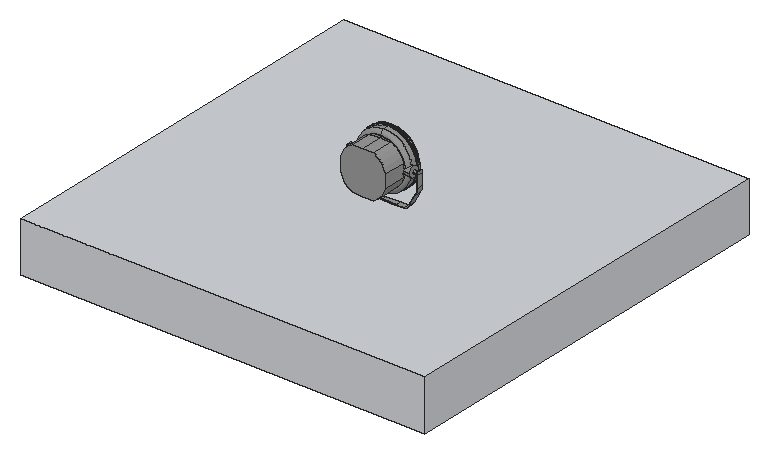
Revit family "L-banner 600", category Осветительные приборы, Revit 2017 (continued)
Types (9, lengths in mm): name | Wattage | built-in parameter 1150134 | Файл фотометрической сетки | built-in parameter 1150142 | built-in parameter 1150105 | Lumens | Артикул | built-in parameter 1150107 | built-in parameter 1150106
  L-banner 600-Г30-4.0K | 465.39 W | 12 | "L-banner 600-600-G30-4.0K-04.ies" | "IESNA:LM-63-1995\r\n[TEST]LEDEL\r\n[DATA]09.10.2017\r\n[MANUFAC]LEDEL\r\n[LUMCAT]L-banner 600/600/Г30/4.0К/04\r\n[LUMINAIRE]Для внешней подсветки крупных объектов\r\n[LAMPCAT]LED\r\n[LAMP]CREE \r\nTILT=NONE\r\n\r\n1 69130 1.032808 37 19 1 2 -0.4625 -0.426 0.238\r\n\r\n1 1 600\r\n\r\n0 2.5 5 7.5 10 12.5 15 17.5 20 22.5 25 27.5 30 32.5 35 37.5 40 42.5 45 47.5 50 52.5 55 57.5 60 62.5 65 67.5 70 72.5 75 77.5 80\r\n82.5 85 87.5 90\r\n\r\n0 10 20 30 40 50 60 70 80 90 100 110 120 130 140 150 160 170 180\r\n\r\n  148602 146606 139829 132354 124478 114018 97858 77986 58155 40814 26998 17813 13083 11042 9605\r\n  8622 7714 6958 6202 5411 4689 4235 3782 3177 2874 2572 2118 1815 1362 1059 908 454 303 303 152 152 152\r\n  148072 147130 140964 131935 122436 112354 99749 82943 63298 45282 30779 20500 14445 11309 9680\r\n  8470 7412 6958 6202 5562 4840 4503 3933 3479 3025 2723 2194 1932 1437 1210 908 605 454 303 227 152 152\r\n  147316 147735 141720 131598 120545 109818 98690 84339 65340 46410 31536 21222 14823 11460 9605\r\n  8401 7260 6504 6126 5562 5143 4538 3933 3630 3025 2723 2269 1967 1513 1210 984 605 454 303 152 152 152\r\n  146635 147921 142400 131865 119713 108341 97858 84525 66398 47283 32065 21559 15050 11460 9605\r\n  8168 7260 6737 6126 5597 4992 4538 3933 3630 3025 2723 2269 1967 1513 1210 1059 605 454 303 152 152 152\r\n  147316 147886 141871 131412 119562 108759 98387 84641 65793 46678 31914 21408 14898 11460 9605\r\n  8401 7260 6807 6202 5597 5143 4538 3933 3630 3101 2839 2269 1967 1513 1210 1059 605 454 303 152 152 152\r\n  147316 147921 142325 132692 122209 112122 101261 86573 66852 47434 32141 21338 14898 11728 9832\r\n  8622 7714 6958 6353 5899 5219 4654 4084 3630 3177 2839 2269 1967 1513 1210 984 605 454 303 152 152 152\r\n  147089 148037 143157 135146 126898 118323 106706 89749 69575 50459 34409 22467 15503 12100 10588\r\n  9529 8622 7865 7034 6202 5445 4689 4387 3782 3328 2874 2572 2118 1815 1362 1059 605 454 303 152 152 152\r\n  146333 148375 144896 138776 132494 125315 113739 96287 76381 57417 40308 26329 17243 12822 11042\r\n  10134 9378 8470 7563 6807 5899 5143 4538 3933 3630 3025 2723 2118 1891 1362 1135 908 454 303 152 152 152\r\n  146862 148375 144291 138288 132796 125850 112605 93414 73129 54392 37586 23944 15957 12368 11042\r\n  9832 9075 8168 7260 6353 5521 4840 4387 3933 3479 3025 2572 2118 1815 1362 1059 908 454 303 152 152 152\r\n  147845 148037 142779 136054 129393 121045 107235 88353 68138 49517 33351 21408 14747 11914 10437\r\n  9378 8546 7830 6958 6050 5294 4689 4311 3782 3479 2874 2572 2118 1815 1362 1059 605 454 303 152 152 152\r\n  146862 141604 135972 129236 117066 98591 78120 58173 40157 25701 16713 12473 10739 9832 9075\r\n  8470 7412 6504 5597 5143 4538 3933 3630 3025 2723 2269 1967 1513 1210 908 605 338 303 152 152 152 152\r\n  146333 141371 136199 128701 115251 95834 74566 54508 36829 23665 15655 12135 10663 9832 9075\r\n  8238 7412 6504 5597 5143 4538 3933 3630 3025 2723 2269 1891 1513 1210 908 605 419 303 152 152 152 152\r\n  147089 141755 135065 127642 116083 98405 77213 56207 38266 24759 16487 12403 10588 9680 8924\r\n  8168 7336 6504 5597 4910 4538 3933 3630 3025 2723 2269 1967 1513 1210 908 605 454 303 187 152 152 152\r\n  147316 141220 132569 123221 111924 96555 76456 55148 37208 24189 16184 12100 10134 8924 8017\r\n  7260 6807 6050 5445 4724 4387 3782 3479 2909 2572 2118 1815 1397 1210 908 605 454 303 152 152 152 152\r\n  147316 140463 130376 119894 109050 95496 76608 55450 37283 24724 16487 12135 10134 8657 7790\r\n  7109 6504 6050 5445 4840 4387 3782 3328 2874 2572 2118 1815 1362 1210 908 605 454 303 187 152 152 152\r\n  146635 138986 128334 117322 106177 92320 73658 53065 35695 23665 16108 11984 9832 8622 7714\r\n  6958 6353 5899 5294 4689 4311 3782 3177 2874 2572 2118 1815 1362 1059 908 530 454 303 187 152 152 152\r\n  147316 140650 130679 120080 109504 96520 78271 57300 38720 25515 17092 12473 10134 8773 7790\r\n  7109 6504 6050 5445 4840 4387 3782 3479 2874 2572 2118 1815 1362 1210 908 605 454 303 152 152 152 152\r\n  148072 143035 134762 125525 115478 102302 83943 62675 42955 28272 18528 13043 10588 9145 8168\r\n  7412 6882 6202 5445 4840 4387 3817 3479 2909 2572 2118 1815 1397 1210 908 605 454 303 268 152 152 152\r\n  148602 144628 138392 131807 123419 110167 91279 70005 49685 32693 20646 14020 11268 9832 8773\r\n  8017 7336 6574 5899 5143 4538 3933 3630 3025 2723 2269 1967 1513 1210 1059 605 454 303 303 152 152 152" | 287247.6 (stored number, unit not read) | 69130 lm | "621160004744200" | 4000 (stored number, unit not read) | 2872.5 (stored number, unit not read)
  L-banner 600-Г30-5.0K | 465.39 W | 12 | "L-banner 600-600-G30-5.0K-04.ies" | "IESNA:LM-63-1995\r\n[TEST]LEDEL\r\n[DATA]09.10.2017\r\n[MANUFAC]LEDEL\r\n[LUMCAT]L-banner 600/600/Г30/5.0К/04\r\n[LUMINAIRE]Для внешней подсветки крупных объектов\r\n[LAMPCAT]LED\r\n[LAMP]CREE \r\nTILT=NONE\r\n\r\n1 69130 1.032808 37 19 1 2 -0.4625 -0.426 0.238\r\n\r\n1 1 600\r\n\r\n0 2.5 5 7.5 10 12.5 15 17.5 20 22.5 25 27.5 30 32.5 35 37.5 40 42.5 45 47.5 50 52.5 55 57.5 60 62.5 65 67.5 70 72.5 75 77.5 80\r\n82.5 85 87.5 90\r\n\r\n0 10 20 30 40 50 60 70 80 90 100 110 120 130 140 150 160 170 180\r\n\r\n  148602 146606 139829 132354 124478 114018 97858 77986 58155 40814 26998 17813 13083 11042 9605\r\n  8622 7714 6958 6202 5411 4689 4235 3782 3177 2874 2572 2118 1815 1362 1059 908 454 303 303 152 152 152\r\n  148072 147130 140964 131935 122436 112354 99749 82943 63298 45282 30779 20500 14445 11309 9680\r\n  8470 7412 6958 6202 5562 4840 4503 3933 3479 3025 2723 2194 1932 1437 1210 908 605 454 303 227 152 152\r\n  147316 147735 141720 131598 120545 109818 98690 84339 65340 46410 31536 21222 14823 11460 9605\r\n  8401 7260 6504 6126 5562 5143 4538 3933 3630 3025 2723 2269 1967 1513 1210 984 605 454 303 152 152 152\r\n  146635 147921 142400 131865 119713 108341 97858 84525 66398 47283 32065 21559 15050 11460 9605\r\n  8168 7260 6737 6126 5597 4992 4538 3933 3630 3025 2723 2269 1967 1513 1210 1059 605 454 303 152 152 152\r\n  147316 147886 141871 131412 119562 108759 98387 84641 65793 46678 31914 21408 14898 11460 9605\r\n  8401 7260 6807 6202 5597 5143 4538 3933 3630 3101 2839 2269 1967 1513 1210 1059 605 454 303 152 152 152\r\n  147316 147921 142325 132692 122209 112122 101261 86573 66852 47434 32141 21338 14898 11728 9832\r\n  8622 7714 6958 6353 5899 5219 4654 4084 3630 3177 2839 2269 1967 1513 1210 984 605 454 303 152 152 152\r\n  147089 148037 143157 135146 126898 118323 106706 89749 69575 50459 34409 22467 15503 12100 10588\r\n  9529 8622 7865 7034 6202 5445 4689 4387 3782 3328 2874 2572 2118 1815 1362 1059 605 454 303 152 152 152\r\n  146333 148375 144896 138776 132494 125315 113739 96287 76381 57417 40308 26329 17243 12822 11042\r\n  10134 9378 8470 7563 6807 5899 5143 4538 3933 3630 3025 2723 2118 1891 1362 1135 908 454 303 152 152 152\r\n  146862 148375 144291 138288 132796 125850 112605 93414 73129 54392 37586 23944 15957 12368 11042\r\n  9832 9075 8168 7260 6353 5521 4840 4387 3933 3479 3025 2572 2118 1815 1362 1059 908 454 303 152 152 152\r\n  147845 148037 142779 136054 129393 121045 107235 88353 68138 49517 33351 21408 14747 11914 10437\r\n  9378 8546 7830 6958 6050 5294 4689 4311 3782 3479 2874 2572 2118 1815 1362 1059 605 454 303 152 152 152\r\n  146862 141604 135972 129236 117066 98591 78120 58173 40157 25701 16713 12473 10739 9832 9075\r\n  8470 7412 6504 5597 5143 4538 3933 3630 3025 2723 2269 1967 1513 1210 908 605 338 303 152 152 152 152\r\n  146333 141371 136199 128701 115251 95834 74566 54508 36829 23665 15655 12135 10663 9832 9075\r\n  8238 7412 6504 5597 5143 4538 3933 3630 3025 2723 2269 1891 1513 1210 908 605 419 303 152 152 152 152\r\n  147089 141755 135065 127642 116083 98405 77213 56207 38266 24759 16487 12403 10588 9680 8924\r\n  8168 7336 6504 5597 4910 4538 3933 3630 3025 2723 2269 1967 1513 1210 908 605 454 303 187 152 152 152\r\n  147316 141220 132569 123221 111924 96555 76456 55148 37208 24189 16184 12100 10134 8924 8017\r\n  7260 6807 6050 5445 4724 4387 3782 3479 2909 2572 2118 1815 1397 1210 908 605 454 303 152 152 152 152\r\n  147316 140463 130376 119894 109050 95496 76608 55450 37283 24724 16487 12135 10134 8657 7790\r\n  7109 6504 6050 5445 4840 4387 3782 3328 2874 2572 2118 1815 1362 1210 908 605 454 303 187 152 152 152\r\n  146635 138986 128334 117322 106177 92320 73658 53065 35695 23665 16108 11984 9832 8622 7714\r\n  6958 6353 5899 5294 4689 4311 3782 3177 2874 2572 2118 1815 1362 1059 908 530 454 303 187 152 152 152\r\n  147316 140650 130679 120080 109504 96520 78271 57300 38720 25515 17092 12473 10134 8773 7790\r\n  7109 6504 6050 5445 4840 4387 3782 3479 2874 2572 2118 1815 1362 1210 908 605 454 303 152 152 152 152\r\n  148072 143035 134762 125525 115478 102302 83943 62675 42955 28272 18528 13043 10588 9145 8168\r\n  7412 6882 6202 5445 4840 4387 3817 3479 2909 2572 2118 1815 1397 1210 908 605 454 303 268 152 152 152\r\n  148602 144628 138392 131807 123419 110167 91279 70005 49685 32693 20646 14020 11268 9832 8773\r\n  8017 7336 6574 5899 5143 4538 3933 3630 3025 2723 2269 1967 1513 1210 1059 605 454 303 303 152 152 152" | 287247.6 (stored number, unit not read) | 69130 lm | "409003" | 4000 (stored number, unit not read) | 2872.5 (stored number, unit not read)
  L-banner 600-Г60-4.0K | 469.241 W | 12 | "L-banner 600-600-G60-4.0K-04.ies" | "IESNA:LM-63-1995\r\n[TEST]LEDEL\r\n[DATA]09.10.2017\r\n[MANUFAC]LEDEL\r\n[LUMCAT]L-banner 600/600/Г60/4.0К/04\r\n[LUMINAIRE]Для внешней подсветки крупных объектов\r\n[LAMPCAT]LED\r\n[LAMP]CREE \r\nTILT=NONE\r\n\r\n1 69702 1.052058 37 19 1 2 -0.4625 -0.426 0.238\r\n\r\n1 1 600\r\n\r\n0 2.5 5 7.5 10 12.5 15 17.5 20 22.5 25 27.5 30 32.5 35 37.5 40 42.5 45 47.5 50 52.5 55 57.5 60 62.5 65 67.5 70 72.5 75 77.5 80\r\n82.5 85 87.5 90\r\n\r\n 0 10 20 30 40 50 60 70 80 90 100 110 120 130 140 150 160 170 180\r\n\r\n  61936 61981 61777 60317 57512 54125 50547 47273 44172 41204 38001 34397 30378 26129 21893\r\n  18017 14792 12049 9824 7976 6466 5288 4266 3438 2814 2213 1815 1407 1135 863 636 454 318 172 91 56 46\r\n  62118 62027 61981 61018 58646 55395 51818 48429 45238 42293 39113 35497 31513 27173 22801\r\n  18789 15405 12548 10210 8318 6739 5480 4470 3665 2995 2395 1906 1543 1226 943 681 524 318 182 91 91 69\r\n  62208 62062 62027 61290 59168 56121 52657 49326 46191 43291 40156 36541 32556 28307 23981\r\n  19888 16381 13389 10868 8862 7238 5934 4833 3938 3177 2576 2065 1634 1316 1044 817 580 363 252 137 91 69\r\n  62299 62118 62118 61563 59758 56903 53542 50097 46917 43982 40882 37392 33418 29113 24684\r\n  20503 16880 13819 11344 9246 7578 6196 5037 4119 3335 2678 2156 1749 1362 1089 840 625 409 273 137 91 69\r\n  62322 62118 62208 61688 59985 57175 53859 50470 47235 44289 41245 37790 33872 29577 25138\r\n  20967 17311 14262 11639 9473 7714 6252 5105 4164 3381 2712 2156 1770 1362 1089 863 625 409 273 137 91 69\r\n  62299 62118 62118 61563 59758 56903 53542 50097 46917 43982 40882 37392 33418 29113 24684\r\n  20503 16880 13819 11344 9246 7578 6196 5037 4119 3335 2678 2156 1749 1362 1089 840 625 409 273 137 91 69\r\n  62322 62118 62208 61688 59985 57175 53859 50470 47235 44289 41245 37790 33872 29577 25138\r\n  20967 17311 14262 11639 9473 7714 6252 5105 4164 3381 2712 2156 1770 1362 1089 863 625 409 273 137 91 69\r\n  62299 62118 62118 61563 59758 56903 53542 50097 46917 43982 40882 37392 33418 29113 24684\r\n  20503 16880 13819 11344 9246 7578 6196 5037 4119 3335 2678 2156 1749 1362 1089 840 625 409 273 137 91 69\r\n  62322 62118 62208 61688 59985 57175 53859 50470 47235 44289 41245 37790 33872 29577 25138\r\n  20967 17311 14262 11639 9473 7714 6252 5105 4164 3381 2712 2156 1770 1362 1089 863 625 409 273 137 91 69\r\n  61936 61981 61777 60317 57512 54125 50547 47273 44172 41204 38001 34397 30378 26129 21893\r\n  18017 14792 12049 9824 7976 6466 5288 4266 3438 2814 2213 1815 1407 1135 863 636 454 318 172 91 56 46\r\n  62322 62390 61505 59346 56355 53039 49889 46893 43877 40561 36685 32359 27792 23239 19171\r\n  15560 12637 10286 8327 6747 5513 4458 3608 2915 2383 1952 1589 1316 1044 782 568 409 273 182 137 137 137\r\n  62299 62390 61596 59608 56741 53493 50320 47312 44308 40924 37048 32586 27951 23375 19194\r\n  15606 12637 10231 8304 6726 5468 4412 3608 2915 2383 1917 1589 1281 1044 782 590 409 295 182 137 137 137\r\n  62322 62390 61505 59346 56355 53039 49889 46893 43877 40561 36685 32359 27792 23239 19171\r\n  15560 12637 10286 8327 6747 5513 4458 3608 2915 2383 1952 1589 1316 1044 782 568 409 273 182 137 137 137\r\n  62299 62390 61596 59608 56741 53493 50320 47312 44308 40924 37048 32586 27951 23375 19194\r\n  15606 12637 10231 8304 6726 5468 4412 3608 2915 2383 1917 1589 1281 1044 782 590 409 295 182 137 137 137\r\n  62322 62390 61505 59346 56355 53039 49889 46893 43877 40561 36685 32359 27792 23239 19171\r\n  15560 12637 10286 8327 6747 5513 4458 3608 2915 2383 1952 1589 1316 1044 782 568 409 273 182 137 137 137\r\n  62299 62390 61596 59608 56741 53493 50320 47312 44308 40924 37048 32586 27951 23375 19194\r\n  15606 12637 10231 8304 6726 5468 4412 3608 2915 2383 1917 1589 1281 1044 782 590 409 295 182 137 137 137\r\n  62208 62390 61868 60107 57399 54310 51160 48128 45148 41923 38183 33856 29267 24611 20305\r\n  16524 13386 10831 8780 7135 5740 4684 3812 3086 2451 2042 1634 1327 1044 817 590 409 318 182 137 137 137\r\n  62118 62344 62004 60460 57852 54763 51523 48411 45443 42296 38682 34436 29766 25089 20714\r\n  16876 13658 11058 8939 7191 5831 4740 3835 3096 2496 2053 1634 1327 1067 817 613 409 318 182 137 137 137\r\n  61936 62254 62254 61140 58851 55807 52544 49353 46259 43193 39816 35808 31331 26607 22030\r\n  18045 14679 11840 9552 7690 6194 5023 4107 3323 2655 2144 1770 1407 1135 873 636 454 363 203 159 137 137\r\n" | 149831.6 (stored number, unit not read) | 69702 lm | "621160006744200" | 4000 (stored number, unit not read) | 1498.3 (stored number, unit not read)
  L-banner 600-Г60-5.0K | 469.241 W | 2 | "L-banner 600-600-G60-5.0K-04.ies" | "IESNA:LM-63-1995\r\n[TEST]LEDEL\r\n[DATA]09.10.2017\r\n[MANUFAC]LEDEL\r\n[LUMCAT]L-banner 600/600/Г60/5.0К/04\r\n[LUMINAIRE]Для внешней подсветки крупных объектов\r\n[LAMPCAT]LED\r\n[LAMP]CREE \r\nTILT=NONE\r\n\r\n1 69702 1.052058 37 19 1 2 -0.4625 -0.426 0.238\r\n\r\n1 1 600\r\n\r\n0 2.5 5 7.5 10 12.5 15 17.5 20 22.5 25 27.5 30 32.5 35 37.5 40 42.5 45 47.5 50 52.5 55 57.5 60 62.5 65 67.5 70 72.5 75 77.5 80\r\n82.5 85 87.5 90\r\n\r\n 0 10 20 30 40 50 60 70 80 90 100 110 120 130 140 150 160 170 180\r\n\r\n  61936 61981 61777 60317 57512 54125 50547 47273 44172 41204 38001 34397 30378 26129 21893\r\n  18017 14792 12049 9824 7976 6466 5288 4266 3438 2814 2213 1815 1407 1135 863 636 454 318 172 91 56 46\r\n  62118 62027 61981 61018 58646 55395 51818 48429 45238 42293 39113 35497 31513 27173 22801\r\n  18789 15405 12548 10210 8318 6739 5480 4470 3665 2995 2395 1906 1543 1226 943 681 524 318 182 91 91 69\r\n  62208 62062 62027 61290 59168 56121 52657 49326 46191 43291 40156 36541 32556 28307 23981\r\n  19888 16381 13389 10868 8862 7238 5934 4833 3938 3177 2576 2065 1634 1316 1044 817 580 363 252 137 91 69\r\n  62299 62118 62118 61563 59758 56903 53542 50097 46917 43982 40882 37392 33418 29113 24684\r\n  20503 16880 13819 11344 9246 7578 6196 5037 4119 3335 2678 2156 1749 1362 1089 840 625 409 273 137 91 69\r\n  62322 62118 62208 61688 59985 57175 53859 50470 47235 44289 41245 37790 33872 29577 25138\r\n  20967 17311 14262 11639 9473 7714 6252 5105 4164 3381 2712 2156 1770 1362 1089 863 625 409 273 137 91 69\r\n  62299 62118 62118 61563 59758 56903 53542 50097 46917 43982 40882 37392 33418 29113 24684\r\n  20503 16880 13819 11344 9246 7578 6196 5037 4119 3335 2678 2156 1749 1362 1089 840 625 409 273 137 91 69\r\n  62322 62118 62208 61688 59985 57175 53859 50470 47235 44289 41245 37790 33872 29577 25138\r\n  20967 17311 14262 11639 9473 7714 6252 5105 4164 3381 2712 2156 1770 1362 1089 863 625 409 273 137 91 69\r\n  62299 62118 62118 61563 59758 56903 53542 50097 46917 43982 40882 37392 33418 29113 24684\r\n  20503 16880 13819 11344 9246 7578 6196 5037 4119 3335 2678 2156 1749 1362 1089 840 625 409 273 137 91 69\r\n  62322 62118 62208 61688 59985 57175 53859 50470 47235 44289 41245 37790 33872 29577 25138\r\n  20967 17311 14262 11639 9473 7714 6252 5105 4164 3381 2712 2156 1770 1362 1089 863 625 409 273 137 91 69\r\n  61936 61981 61777 60317 57512 54125 50547 47273 44172 41204 38001 34397 30378 26129 21893\r\n  18017 14792 12049 9824 7976 6466 5288 4266 3438 2814 2213 1815 1407 1135 863 636 454 318 172 91 56 46\r\n  62322 62390 61505 59346 56355 53039 49889 46893 43877 40561 36685 32359 27792 23239 19171\r\n  15560 12637 10286 8327 6747 5513 4458 3608 2915 2383 1952 1589 1316 1044 782 568 409 273 182 137 137 137\r\n  62299 62390 61596 59608 56741 53493 50320 47312 44308 40924 37048 32586 27951 23375 19194\r\n  15606 12637 10231 8304 6726 5468 4412 3608 2915 2383 1917 1589 1281 1044 782 590 409 295 182 137 137 137\r\n  62322 62390 61505 59346 56355 53039 49889 46893 43877 40561 36685 32359 27792 23239 19171\r\n  15560 12637 10286 8327 6747 5513 4458 3608 2915 2383 1952 1589 1316 1044 782 568 409 273 182 137 137 137\r\n  62299 62390 61596 59608 56741 53493 50320 47312 44308 40924 37048 32586 27951 23375 19194\r\n  15606 12637 10231 8304 6726 5468 4412 3608 2915 2383 1917 1589 1281 1044 782 590 409 295 182 137 137 137\r\n  62322 62390 61505 59346 56355 53039 49889 46893 43877 40561 36685 32359 27792 23239 19171\r\n  15560 12637 10286 8327 6747 5513 4458 3608 2915 2383 1952 1589 1316 1044 782 568 409 273 182 137 137 137\r\n  62299 62390 61596 59608 56741 53493 50320 47312 44308 40924 37048 32586 27951 23375 19194\r\n  15606 12637 10231 8304 6726 5468 4412 3608 2915 2383 1917 1589 1281 1044 782 590 409 295 182 137 137 137\r\n  62208 62390 61868 60107 57399 54310 51160 48128 45148 41923 38183 33856 29267 24611 20305\r\n  16524 13386 10831 8780 7135 5740 4684 3812 3086 2451 2042 1634 1327 1044 817 590 409 318 182 137 137 137\r\n  62118 62344 62004 60460 57852 54763 51523 48411 45443 42296 38682 34436 29766 25089 20714\r\n  16876 13658 11058 8939 7191 5831 4740 3835 3096 2496 2053 1634 1327 1067 817 613 409 318 182 137 137 137\r\n  61936 62254 62254 61140 58851 55807 52544 49353 46259 43193 39816 35808 31331 26607 22030\r\n  18045 14679 11840 9552 7690 6194 5023 4107 3323 2655 2144 1770 1407 1135 873 636 454 363 203 159 137 137\r\n" | 149831.6 (stored number, unit not read) | 69702 lm | "409002" | 5000 (stored number, unit not read) | 1498.3 (stored number, unit not read)
  L-banner 600-К8-4.0K | 449.812 W | 12 | "L-banner 600-600-K8-4.0K-04.ies" | "IESNA:LM-63-1995\r\n[TEST]LEDEL\r\n[DATA]09.10.2017\r\n[MANUFAC]LEDEL\r\n[LUMCAT]L-banner 600/600/К8/4.0К/04\r\n[LUMINAIRE]Для внешней подсветки крупных объектов\r\n[LAMPCAT]LED\r\n[LAMP]CREE \r\nTILT=NONE\r\n\r\n1 66816 6.01698 37 19 1 2 -0.4625 -0.426 0.238\r\n\r\n1 1 600\r\n\r\n0 2.5 5 7.5 10 12.5 15 17.5 20 22.5 25 27.5 30 32.5 35 37.5 40 42.5 45 47.5 50 52.5 55 57.5 60 62.5 65 67.5 70 72.5 75 77.5 80 82.5 85 87.5 90\r\n\r\n0 10 20 30 40 50 60 70 80 90 100 110 120 130 140 150 160 170 180\r\n\r\n  276536 213373 88543 28922 13786 8752 6136 4394 3030 2273 1818 1364 1212 1061 909 606 606 571 455 455 303 303 303 269 303 303 303 \r\n 152 152 152 152 152 152 152 152 152 152\r\n  270477 230316 116644 38676 12952 8146 6363 4697 3182 2273 1667 1364 1061 1061 909 606 606 455 455 455 303 303 303 303 303 269 152\r\n  152 152 152 152 152 152 152 152 152 152\r\n  276536 213373 88543 28922 13786 8752 6136 4394 3030 2273 1818 1364 1212 1061 909 606 606 571 455 455 303 303 303 269 303 303 303\r\n  152 152 152 152 152 152 152 152 152 152\r\n  270477 230316 116644 38676 12952 8146 6363 4697 3182 2273 1667 1364 1061 1061 909 606 606 455 455 455 303 303 303 303 303 269 152\r\n  152 152 152 152 152 152 152 152 152 152\r\n  276536 213373 88543 28922 13786 8752 6136 4394 3030 2273 1818 1364 1212 1061 909 606 606 571 455 455 303 303 303 269 303 303 303 \r\n 152 152 152 152 152 152 152 152 152 152\r\n  270477 230316 116644 38676 12952 8146 6363 4697 3182 2273 1667 1364 1061 1061 909 606 606 455 455 455 303 303 303 303 303 269 152\r\n  152 152 152 152 152 152 152 152 152 152\r\n  276536 213373 88543 28922 13786 8752 6136 4394 3030 2273 1818 1364 1212 1061 909 606 606 571 455 455 303 303 303 269 303 303 303\r\n  152 152 152 152 152 152 152 152 152 152\r\n  270477 230316 116644 38676 12952 8146 6363 4697 3182 2273 1667 1364 1061 1061 909 606 606 455 455 455 303 303 303 303 303 269 152\r\n  152 152 152 152 152 152 152 152 152 152\r\n  276536 213373 88543 28922 13786 8752 6136 4394 3030 2273 1818 1364 1212 1061 909 606 606 571 455 455 303 303 303 269 303 303 303\r\n  152 152 152 152 152 152 152 152 152 152\r\n  270477 230316 116644 38676 12952 8146 6363 4697 3182 2273 1667 1364 1061 1061 909 606 606 455 455 455 303 303 303 303 303 269 152\r\n  152 152 152 152 152 152 152 152 152 152\r\n  276536 220108 97481 33747 14240 8251 5530 4009 2879 2121 1515 1212 1061 909 909 606 606 455 455 420 303 303 303 303 303 269 152\r\n  152 152 152 152 152 152 152 152 152 152\r\n  270477 200718 89831 32045 13937 8251 5605 4009 2879 2121 1515 1212 1061 909 909 606 606 455 455 455 303 303 303 303 303 269 152\r\n  152 152 152 152 152 152 152 152 152 152\r\n  276536 220108 97481 33747 14240 8251 5530 4009 2879 2121 1515 1212 1061 909 909 606 606 455 455 420 303 303 303 303 303 269 152\r\n  152 152 152 152 152 152 152 152 152 152\r\n  270477 200718 89831 32045 13937 8251 5605 4009 2879 2121 1515 1212 1061 909 909 606 606 455 455 455 303 303 303 303 303 269 152\r\n  152 152 152 152 152 152 152 152 152 152\r\n  276536 220108 97481 33747 14240 8251 5530 4009 2879 2121 1515 1212 1061 909 909 606 606 455 455 420 303 303 303 303 303 269 152\r\n  152 152 152 152 152 152 152 152 152 152\r\n  270477 200718 89831 32045 13937 8251 5605 4009 2879 2121 1515 1212 1061 909 909 606 606 455 455 455 303 303 303 303 303 269 152\r\n  152 152 152 152 152 152 152 152 152 152\r\n  276536 220108 97481 33747 14240 8251 5530 4009 2879 2121 1515 1212 1061 909 909 606 606 455 455 420 303 303 303 303 303 269 152\r\n  152 152 152 152 152 152 152 152 152 152\r\n  270477 200718 89831 32045 13937 8251 5605 4009 2879 2121 1515 1212 1061 909 909 606 606 455 455 455 303 303 303 303 303 269 152\r\n  152 152 152 152 152 152 152 152 152 152\r\n  276536 220108 97481 33747 14240 8251 5530 4009 2879 2121 1515 1212 1061 909 909 606 606 455 455 420 303 303 303 303 303 269 152\r\n  152 152 152 152 152 152 152 152 152 152\r\n" | 59806.8 (stored number, unit not read) | 66816 lm | "" | 4000 (stored number, unit not read) | 598.07 (stored number, unit not read)
